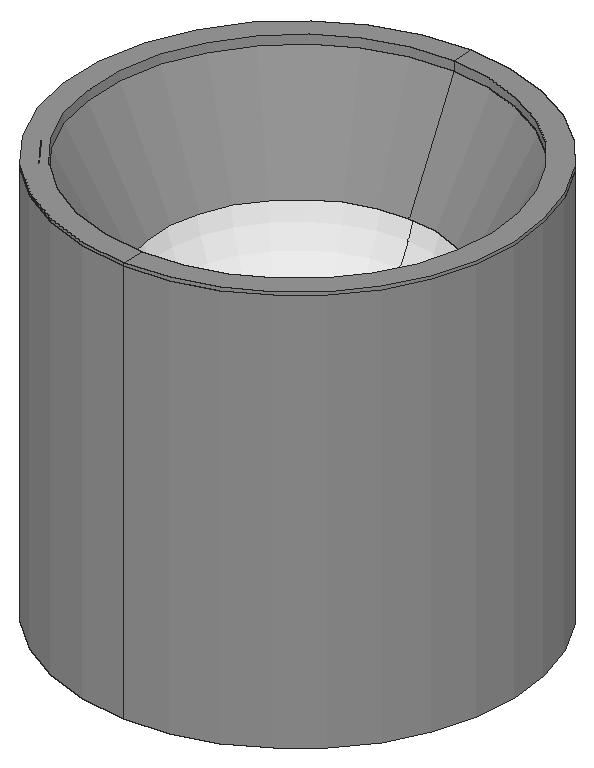
Revit family "50677_BEGA_Revit", category Lighting Fixtures, host Face, Revit 2017
Family settings
  Host = Face
  Round Connector Dimension = Use Diameter
  Part Type = Normal
  Cut with Voids When Loaded = Yes
  Light Source = Yes
  Shared = No
  Room Calculation Point = No
Parameters (values of type "STUDIO LINE - Ceiling luminaires")
  Wattage = 6.30798 W
  built-in parameter 1150110 = 1 (stored number, unit not read)
  URL = "www.bega-us.com"
  built-in parameter 1114217 = 1 (stored number, unit not read)
  Tilt Angle = 180.00°
  built-in parameter 1150109 = 1 (stored number, unit not read)
  built-in parameter 1150134 = 12
  Telephone = "805.684.0533"
  built-in parameter 1150113 = 1 (stored number, unit not read)
  Photometric Web File = "50674.2K4_BEGA_IES.ies"
  Model = "50 674"
  Manufacturer = "BEGA-US"
  built-in parameter 1150105 = 74.564 (stored number, unit not read)
  Lumens = 937 lm
  built-in parameter 1150115 = 1 (stored number, unit not read)
  built-in parameter 1150137 = (empty or 0)
  built-in parameter 1150139 = (empty or 0)
  built-in parameter 1150112 = 1 (stored number, unit not read)
  built-in parameter 1150114 = 1 (stored number, unit not read)
  Lamp = "8.4W LED"
  built-in parameter 1150132 = 2
  built-in parameter 1150102 = (empty or 0)
  built-in parameter 1150107 = 4000 (stored number, unit not read)
  built-in parameter 1150138 = (empty or 0)
  built-in parameter 1150106 = 0.74564 (stored number, unit not read)
  built-in parameter 1150104 = 13.8 (stored number, unit not read)
  Dimming Lamp Color Temperature Shift = <None>
  Description = "STUDIO LINE - Ceiling luminaires"
  Default Elevation = 6' - 0"
  Color Filter = 16777215
  built-in parameter 1114218 = 1 (stored number, unit not read)
  built-in parameter 1150133 = 10 (stored number, unit not read)
Types (5): name | Wattage | Tilt Angle | built-in parameter 1150134 | Photometric Web File | Model | built-in parameter 1150105 | Lumens | Lamp | built-in parameter 1150107 | built-in parameter 1150106 | Description
  (no name) | 6.30798 W | 180.00° | 12 | "50674.2K4_BEGA_IES.ies" | "50 674" | 74.564 (stored number, unit not read) | 937 lm | "8.4W LED" | 4000 (stored number, unit not read) | 0.74564 (stored number, unit not read) | "STUDIO LINE - Ceiling luminaires"
  Wall Luminaires - Directed Light | 18.4392 W | 90.00° | (empty or 0) | "generic" | "2260LED" | 217.96 (stored number, unit not read) | 2739 lm | "44.6W LED" | 3000 (stored number, unit not read) | 2.1796 (stored number, unit not read) | "Surface wall with cutoff optics"
  Wall Luminaires - Linear | 9.92985 W | 90.00° | 9 | "generic" | "4425P" | 117.38 (stored number, unit not read) | 1475 lm | "(1) 39W CF twin-4-p" | 3450 (stored number, unit not read) | 1.1738 (stored number, unit not read) | "Suface wall - linear with white acrylic diffuser"
  Ceiling and Wall Luminaires - Unshielded | 2.66591 W | 90.00° | (empty or 0) | "33508.ies" | "33 508" | 31.513 (stored number, unit not read) | 396 lm | "8.4W LED" | 3000 (stored number, unit not read) | 0.31513 (stored number, unit not read) | "LED ceiling and wall luminaires - impact resistant"
  STUDIO LINE - Ceiling luminaires | 6.30798 W | 180.00° | 12 | "50674.2K4_BEGA_IES.ies" | "50 674" | 74.564 (stored number, unit not read) | 937 lm | "8.4W LED" | 4000 (stored number, unit not read) | 0.74564 (stored number, unit not read) | "STUDIO LINE - Ceiling luminaires"
Reference planes (in)
  plane 1 "Center (Front/Back)": y = 0
  plane 2: z = 0
  plane 3 "Center (Left/Right)": x = 0
Dimensions and locks (in)
  aligned and locked: plane 2 to host face
  aligned and locked: level to host face
Nested families (in)
  nested 1: "50677" at (0, 0, 0), type "50677"
Connectors (in)
  electrical at (0, 0, 0)
    settings: on host face, index 1, voltage 0 V, apparent load 0 VA, apparent load phase1 0 VA, apparent load phase2 0 VA, apparent load phase3 0 VA, power factor 1, load classification "Other", number of poles 1, system type 31, power factor state 1, is connector primary yes, connector utility no, sub classification motor no, connector description ""
Definition of nested family "50677"
  Parameters (values of type "50677")
    Default Elevation = 4' - 0"
  Reference planes (in)
    plane 1 "Center (Front/Back)": y = 0
    plane 2: z = 0
    plane 3 "Center (Left/Right)": x = 0
  Forms (in)
    Extrusion 1, solid
      sketch origin (0, 0, 0) x (1, 0, 0) y (0, 1, 0)
        loop
          line (-48, 48) -> (-48, -48) -> (48, -48) -> (48, 48) -> (-48, 48)
      from 0 to -12
    Revolve 2, solid
      sketch origin (0, 0, -26.63) x (0, 1, 0) y (0, 0, 1)
        loop
          line (2.18, 31) -> (2.14361, 28.64) -> (0, 28.64) -> (0, 28.48375) -> (2.18, 28.48375) -> (2.18, 27.004) -> (0, 27.004) -> (0, 26.84775) -> (1.84786, 26.84775) -> (1.84786, 26.63) -> (2.33625, 26.63) -> (2.33625, 31) -> (2.18, 31)
        axis (0, 26.63) -> (0, 31)
      angle from 0 to 360
    Revolve 3, solid
      sketch origin (0, 0, -5.37664) x (0, 1, 0) y (0, 0, 1)
        loop
          line (0, 7.75) -> (0, 7.71084)
          arc (0, 7.71084) -> (0.24925, 7.65005) -> (0.41593, 7.455) r 0.4176
          line (0.41593, 7.455) -> (0.472, 7.455) -> (0.472, 7.51) -> (0.433, 7.51)
          arc (0.433, 7.51) -> (0.25184, 7.69377) -> (0, 7.75) r 0.45666
        axis (0, 7.455) -> (0, 7.75)
      angle from 0 to 360
    Revolve 4, solid
      sketch origin (0, 0, -5.19891) x (0, 1, 0) y (0, 0, 1)
        loop
          line (0.43418, 7.36419) -> (0.43418, 7.33289) -> (0.61829, 7.34254)
          arc (0.61829, 7.34254) -> (1.23808, 7.71178) -> (1.58931, 8.34196) r 1.39001
          line (1.58931, 8.34196) -> (1.63582, 8.42943) -> (1.60561, 8.44549) -> (1.56114, 8.3582)
          arc (1.56114, 8.3582) -> (1.21997, 7.73801) -> (0.61315, 7.37356) r 1.35876
          line (0.61315, 7.37356) -> (0.43418, 7.36419)
        axis (0, 7.33289) -> (0, 8.44549)
      angle from 0 to 360
    Revolve 5, solid
      sketch origin (0, 0, -5.35932) x (0, 1, 0) y (0, 0, 1)
        loop
          line (1.5, 8.503) -> (1.53516, 8.503) -> (2.13316, 9.663) -> (2.098, 9.663) -> (1.5, 8.503)
        axis (0, 8.503) -> (0, 9.663)
      angle from 0 to 360
    Revolve 6, solid
      sketch origin (0, 0, 0) x (0, 1, 0) y (0, 0, 1)
        loop
          line (2.09778, 4.40106) -> (2.09778, 4.30393) -> (2.17739, 4.30393) -> (2.17739, 4.37) -> (2.33625, 4.37) -> (2.33625, 4.40106) -> (2.09778, 4.40106)
        axis (0, 4.30393) -> (0, 4.40106)
      angle from 0 to 360
  Dimensions and locks (in)
    aligned and locked: plane 2 to Extrusion 1
    aligned and locked: level to Extrusion 1
